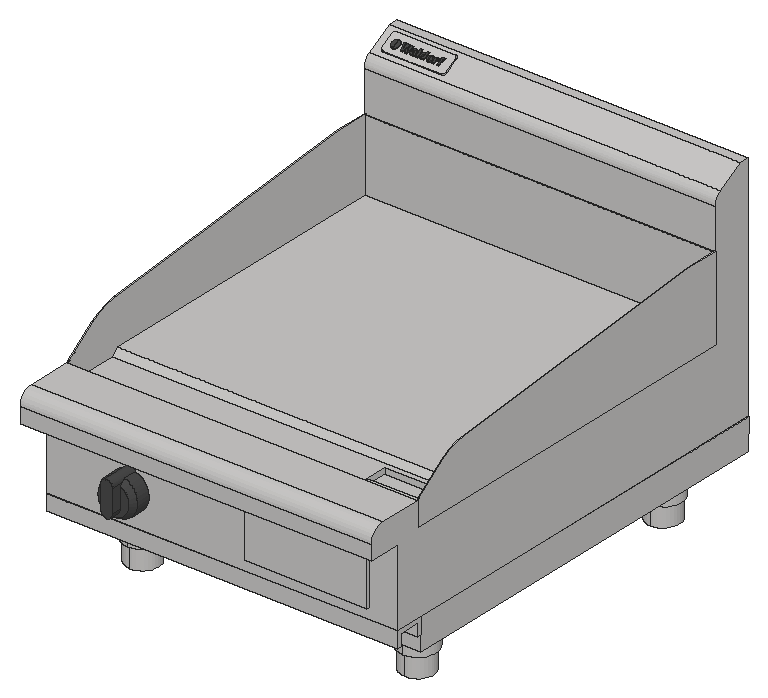
Revit family "QF_MOFFAT WALDORF_GP8600E-B", category Specialty Equipment, Revit 2012
Parameters
  Width [instance] = 600.0 mm  # constant formula
  Weight in Pounds = 260.1452
  Watts = 7200 W
  Volts = 240 V
  URL Cutsheet = "www.moffat.com"
  URL = "www.moffat.com"
  Type Mark [instance] = ""
  Status [instance] = ""
  Specification by User [instance] = ""
  Specification by Manufacturer = ""
  Show Logo [instance] = yes
  Serial Number = ""
  Seismic Rating = ""
  SMACNA No = ""
  Revision Code [instance] = ""
  Phase = 1
  Omniclass Number and Title = ""
  Number of Poles = 1
  NAFEM Spec ID Number = ""
  Model = "GP8600E-B"
  Min Ckt Ampacity = 0 A
  Max Overcurrent Protection = 0 A
  Masterspec = ""
  Manufacturer = "MOFFAT WALDORF"
  Item Number [instance] = ""
  Installed By [instance] = ""
  Identify Quantity as Lot [instance] = yes
  Height [instance] = 530.0 mm  # constant formula
  HP = ""
  Furnished By [instance] = ""
  Foodservice Equipment Identifier [instance] = yes
  FL Amps = 30 A
  Elec Conn RI Height = 0.0 mm
  Elec Conn Connection Height = 0.0 mm
  Description = "GRIDDLE PLATE ELECTRIC BENCH MOUNT"
  Depth [instance] = 805.0 mm  # constant formula
  Cycle = 50 Hz
  Conn Plug = ""
  Conn Conduit = yes
  CSI MasterFormat = ""
  CSI Master Format = ""
  Base Height [instance] = 80.0 mm
  Apparent Power = if(Phase = 3, Volts * FL Amps * 1.73, Volts * FL Amps)  # 7200 VA
Reference planes
  plane 1 "BACK": y = 0
  plane 2: z = 0
  plane 3 "LEFT": x = 0
  plane 4 "RIGHT": x = 600
  plane 5 "FRONT": y = -805
  plane 6 "TOP": z = 530
  plane 7 "Center Y": x = 300
  plane 8 "Center X": y = -402.5
  plane 9 "Base Height": z = 80
  plane 10: x = 65
  plane 11: x = 535
  plane 12: x = 470
  plane 13: z = 110
Forms (mm)
  Extrusion 1, solid, material "QF_Finishes_Stainless Steel"
    sketch origin (0, 0, 0) x (0, 1, 0) y (0, 0, 1)
      loop
        line (-805, 291) -> (-805, 266) -> (-749, 266) -> (-749, 135) -> (0, 135) -> (0, 530) -> (-16.5, 530) -> (-58.709, 505.631)
        arc (-58.709, 505.631) -> (-66.975, 497.365) -> (-70, 486.074) r 22.582
        line (-70, 486.074) -> (-70, 275) -> (-705, 275) -> (-705, 315) -> (-781, 315)
        arc (-781, 315) -> (-797.971, 307.971) -> (-805, 291) r 24
      loop
        line (-749, 134.206) -> (-749, 107.019) -> (-742.6, 107.019) -> (-742.6, 127.806) -> (-706.4, 127.806) -> (-706.4, 107.019) -> (-700, 107.019) -> (-700, 134.206) -> (-749, 134.206)
    from 0 to 600
  Revolve 2, solid, material "QF_Finishes_Stainless Steel"
    sketch origin (535, -210, 0) x (0, 1, 0) y (0, 0, -1)
      loop
        line (78.25, -80) -> (110, -80) -> (110, 0) -> (82.5, 0) -> (82.5, -35) -> (78.25, -35) -> (78.25, -80)
      axis (110, -80) -> (110, 0)
    angle from 0 to 360
  Revolve 3, solid, material "QF_Finishes_Stainless Steel"
    sketch origin (65, -210, 0) x (0, 1, 0) y (0, 0, 1)
      loop
        line (78.25, 80) -> (78.25, 35) -> (82.5, 35) -> (82.5, 0) -> (110, 0) -> (110, 80) -> (78.25, 80)
      axis (110, 80) -> (110, 0)
    angle from 0 to 360
  Extrusion 4, void
    sketch origin (705, 3, -500) x (1, 0, 0) y (0, 1, 0)
      loop
        circle (-235, -35) r 13.5
    from 560 to 635
  Revolve 5, solid, material "QF_Finishes_Black"
    sketch origin (150, 0, -0.127) x (0, 1, 0) y (0, 0, -1)
      loop
        line (-782, -229.5) -> (-759, -229.5) -> (-759, -202) -> (-749, -202) -> (-749, -197) -> (-793, -197) -> (-793, -223.651) -> (-782, -229.5)
      axis (-793, -197) -> (-749, -197)
    angle from 0 to 360
  Extrusion 6, solid, material "QF_Finishes_Black"
    sketch origin (288.27, 0, 0.031) x (-1, 0, 0) y (0, 0, -1)
      loop
        arc (148.269, -184.969) -> (138.269, -174.969) -> (128.269, -184.969) r 10
        line (128.269, -184.969) -> (128.269, -223.969)
        arc (128.269, -223.969) -> (138.269, -233.969) -> (148.269, -223.969) r 10
        line (148.269, -223.969) -> (148.269, -184.969)
    from 759 to 808
  Revolve 7, solid, material "QF_Finishes_Stainless Steel"
    sketch origin (535, -735, 0) x (0, 1, 0) y (0, 0, -1)
      loop
        line (78.25, -80) -> (110, -80) -> (110, 0) -> (82.5, 0) -> (82.5, -35) -> (78.25, -35) -> (78.25, -80)
      axis (110, -80) -> (110, 0)
    angle from 0 to 360
  Revolve 8, solid, material "QF_Finishes_Stainless Steel"
    sketch origin (65, -735, 0) x (0, 1, 0) y (0, 0, 1)
      loop
        line (78.25, 80) -> (78.25, 35) -> (82.5, 35) -> (82.5, 0) -> (110, 0) -> (110, 80) -> (78.25, 80)
      axis (110, 80) -> (110, 0)
    angle from 0 to 360
  Extrusion 9, solid, material "QF_Finishes_Stainless Steel"
    sketch origin (0, -749, 266) x (0, 0, -1) y (1, 0, 0)
      loop
        line (26.5, 340) -> (113.5, 340) -> (113.5, 550) -> (26.5, 550) -> (26.5, 340)
    from 0 to 2.5
  Extrusion 10, solid, material "QF_Finishes_Stainless Steel"
    sketch origin (0, -751.5, 266) x (0, 0, -1) y (1, 0, 0)
      loop
        line (33.5, 550) -> (26.5, 550) -> (26.5, 340) -> (33.5, 340) -> (33.5, 550)
    from 0 to 5
  Extrusion 11, solid, material "QF_Finishes_Stainless Steel"
    sketch origin (0, -699, 134.206) x (0, 1, 0) y (-1, 0, 0)
      loop
        circle (666.87, -470) r 6.35
    from 0 to -24.206
  Extrusion 12, solid, material "QF_Finishes_Stainless Steel"
    sketch origin (0, 0, 80) x (-1, 0, 0) y (0, -1, 0)
      loop
        line (0, 0) -> (0, 699) -> (-600, 699) -> (-600, 0) -> (0, 0)
    from 0 to 54.206
Cuts and joins
  joined: Revolve 5, Extrusion 6
  joined: Extrusion 9, Extrusion 10
  Extrusion 4 cuts Extrusion 1
Lines and regions (mm)
  Split face 1
    outline origin (49.063, -19.748, 528.125) x (0, -0.866025, -0.5) y (1, 0, 0)
      loop
        line (1.427, 105.5) -> (35.836, 105.5) -> (35.836, 125.5) -> (1.427, 125.5) -> (1.427, 105.5)
  Split face 2
    outline origin (99.063, -19.748, 528.125) x (0, -0.866025, -0.5) y (1, 0, 0)
      loop
        line (1.427, 105.5) -> (35.836, 105.5) -> (35.836, 125.5) -> (1.427, 125.5) -> (1.427, 105.5)
  Split face 3
    outline origin (149.062, -19.748, 528.125) x (0, -0.866025, -0.5) y (1, 0, 0)
      loop
        line (1.427, 105.5) -> (35.836, 105.5) -> (35.836, 125.5) -> (1.427, 125.5) -> (1.427, 105.5)
  Split face 4
    outline origin (199.063, -19.748, 528.125) x (0, -0.866025, -0.5) y (1, 0, 0)
      loop
        line (1.427, 105.5) -> (35.836, 105.5) -> (35.836, 125.5) -> (1.427, 125.5) -> (1.427, 105.5)
  Split face 5
    outline origin (249.062, -19.748, 528.125) x (0, -0.866025, -0.5) y (1, 0, 0)
      loop
        line (1.427, 105.5) -> (35.836, 105.5) -> (35.836, 125.5) -> (1.427, 125.5) -> (1.427, 105.5)
  Split face 6
    outline origin (299.062, -19.748, 528.125) x (0, -0.866025, -0.5) y (1, 0, 0)
      loop
        line (1.427, 105.5) -> (35.836, 105.5) -> (35.836, 125.5) -> (1.427, 125.5) -> (1.427, 105.5)
  Split face 7
    outline origin (349.062, -19.748, 528.125) x (0, -0.866025, -0.5) y (1, 0, 0)
      loop
        line (1.427, 105.5) -> (35.836, 105.5) -> (35.836, 125.5) -> (1.427, 125.5) -> (1.427, 105.5)
  Split face 8
    outline origin (399.062, -19.748, 528.125) x (0, -0.866025, -0.5) y (1, 0, 0)
      loop
        line (1.427, 105.5) -> (35.836, 105.5) -> (35.836, 125.5) -> (1.427, 125.5) -> (1.427, 105.5)
  Split face 9
    outline origin (449.062, -19.748, 528.125) x (0, -0.866025, -0.5) y (1, 0, 0)
      loop
        line (1.427, 105.5) -> (35.836, 105.5) -> (35.836, 125.5) -> (1.427, 125.5) -> (1.427, 105.5)
  symbolic lines, visible <- "Show Logo"
    curve 1: line (12.5, -52.06, 0) -> (12.5, -21.099, 0)
    curve 2: line (121.5, -21.099, 0) -> (121.5, -52.06, 0)
    curve 3: line (12.5, -21.099, 0) -> (121.5, -21.099, 0)
    curve 4: line (12.5, -52.06, 0) -> (121.5, -52.06, 0)
  symbolic lines
    curve 5: line (154.563, -50.782, 0) -> (154.563, -20.984, 0)
    curve 6: line (154.563, -20.984, 0) -> (174.562, -20.984, 0)
    curve 7: line (174.562, -20.984, 0) -> (174.562, -50.782, 0)
    curve 8: line (174.562, -50.782, 0) -> (154.563, -50.782, 0)
    curve 9: line (204.563, -20.984, 0) -> (204.563, -50.782, 0)
    curve 10: line (204.563, -50.782, 0) -> (224.562, -50.782, 0)
    curve 11: line (224.562, -50.782, 0) -> (224.562, -20.984, 0)
    curve 12: line (224.562, -20.984, 0) -> (204.563, -20.984, 0)
    curve 13: line (254.563, -20.984, 0) -> (254.563, -50.782, 0)
    curve 14: line (254.563, -50.782, 0) -> (274.562, -50.782, 0)
    curve 15: line (274.562, -50.782, 0) -> (274.562, -20.984, 0)
    curve 16: line (274.562, -20.984, 0) -> (254.563, -20.984, 0)
    curve 17: line (304.563, -20.984, 0) -> (304.563, -50.782, 0)
    curve 18: line (304.563, -50.782, 0) -> (324.563, -50.782, 0)
    curve 19: line (324.563, -50.782, 0) -> (324.563, -20.984, 0)
    curve 20: line (324.563, -20.984, 0) -> (304.563, -20.984, 0)
    curve 21: line (354.563, -20.984, 0) -> (354.563, -50.782, 0)
    curve 22: line (354.563, -50.782, 0) -> (374.563, -50.782, 0)
    curve 23: line (374.563, -50.782, 0) -> (374.563, -20.984, 0)
    curve 24: line (374.563, -20.984, 0) -> (354.563, -20.984, 0)
    curve 25: line (404.563, -50.782, 0) -> (404.563, -20.984, 0)
    curve 26: line (404.563, -20.984, 0) -> (424.563, -20.984, 0)
    curve 27: line (424.563, -20.984, 0) -> (424.563, -50.782, 0)
    curve 28: line (424.563, -50.782, 0) -> (404.563, -50.782, 0)
    curve 29: line (304.563, -50.782, 0) -> (304.563, -20.984, 0)
    curve 30: line (304.563, -20.984, 0) -> (324.563, -20.984, 0)
    curve 31: line (324.563, -20.984, 0) -> (324.563, -50.782, 0)
    curve 32: line (324.563, -50.782, 0) -> (304.563, -50.782, 0)
    curve 33: line (354.563, -20.984, 0) -> (354.563, -50.782, 0)
    curve 34: line (354.563, -50.782, 0) -> (374.563, -50.782, 0)
    curve 35: line (374.563, -50.782, 0) -> (374.563, -20.984, 0)
    curve 36: line (374.563, -20.984, 0) -> (354.563, -20.984, 0)
    curve 37: line (404.563, -50.782, 0) -> (404.563, -20.984, 0)
    curve 38: line (404.563, -20.984, 0) -> (424.563, -20.984, 0)
    curve 39: line (424.563, -20.984, 0) -> (424.563, -50.782, 0)
    curve 40: line (424.563, -50.782, 0) -> (404.563, -50.782, 0)
    curve 41: line (454.563, -50.782, 0) -> (454.563, -20.984, 0)
    curve 42: line (454.563, -20.984, 0) -> (474.563, -20.984, 0)
    curve 43: line (474.563, -20.984, 0) -> (474.563, -50.782, 0)
    curve 44: line (474.563, -50.782, 0) -> (454.563, -50.782, 0)
    curve 45: line (504.563, -50.782, 0) -> (504.563, -20.984, 0)
    curve 46: line (504.563, -20.984, 0) -> (524.563, -20.984, 0)
    curve 47: line (524.563, -20.984, 0) -> (524.563, -50.782, 0)
    curve 48: line (524.563, -50.782, 0) -> (504.563, -50.782, 0)
    curve 49: line (574.563, -50.782, 0) -> (554.563, -50.782, 0)
    curve 50: line (554.563, -50.782, 0) -> (554.563, -20.984, 0)
    curve 51: line (554.563, -20.984, 0) -> (574.563, -20.984, 0)
    curve 52: line (0, -805, 0) -> (600, -805, 0)
    curve 53: line (0, 0, 0) -> (0, -805, 0)
    curve 54: line (600, 0, 0) -> (0, 0, 0)
    curve 55: line (0, -70, 0) -> (600, -70, 0)
    curve 56: line (600, -705, 0) -> (0, -705, 0)
    curve 57: line (574.563, -20.984, 0) -> (574.563, -50.782, 0)
    curve 58: line (600, -805, 0) -> (600, 0, 0)
Dimensions and locks
  equal spacing: plane 3 "LEFT", plane 7 "Center Y", plane 4 "RIGHT"
  "Width": plane 3 "LEFT" to plane 4 "RIGHT"
  equal spacing: plane 5 "FRONT", plane 8 "Center X", plane 1 "BACK"
  "Depth": plane 5 "FRONT" to plane 1 "BACK"
  "Base Height": plane 9 "Base Height" to level
  locked: plane 6 "TOP" to plane 9 "Base Height" at 450
  plane 6 "TOP" to nested 1 to nested 1 = 2.946 mm locked, 17.226 mm locked
  plane 6 "TOP" to level = 530.0 mm
  plane 12 to plane 4 "RIGHT" = 130.0 mm
  Extrusion 1 sketch curve to Extrusion 1 sketch curve to Extrusion 1 sketch curve to Extrusion 1 sketch curve to Extrusion 1 sketch curve to Extrusion 1 sketch curve to Extrusion 1 sketch curve to Extrusion 1 sketch curve to Extrusion 1 sketch curve to Extrusion 1 sketch curve to plane 9 "Base Height" = 43.926 mm locked, 171.074 mm locked, 24.0 mm locked, 16.0 mm locked, 9.0 mm locked, 131.0 mm locked, 0.794 mm locked, 6.4 mm locked, 20.787 mm locked, 27.019 mm locked
  Extrusion 11 to plane 13 to plane 9 "Base Height" = 24.206 mm locked, 30.0 mm locked
  aligned and locked: level to plane 2
  aligned and locked: Revolve 3 sketch curve to plane 9 "Base Height"
  aligned and locked: nested 2 to cut or joined group of Extrusion 1, Extrusion 4
  aligned and locked: Extrusion 4 to Extrusion 1
  aligned and locked: Extrusion 1 sketch curve to Extrusion 1 sketch curve
  aligned and locked: Extrusion 11 to plane 13
Automatic sketch dimensions
  curve 56 to plane 3 "LEFT" = 0.0 mm
  plane 1 "BACK" to curve 54 = 0.0 mm
  curve 54 to plane 4 "RIGHT" = 0.0 mm
  plane 5 "FRONT" to curve 52 = 0.0 mm
  plane 3 "LEFT" to curve 1 = 12.5 mm
  plane 1 "BACK" to curve 2 = 21.099 mm
  plane 10 to curve 2 = 56.5 mm
  curve 2 to curve 6 = 33.062 mm
  curve 5 to curve 6 = 20.0 mm
  curve 6 to curve 12 = 30.0 mm
  curve 9 to curve 11 = 20.0 mm
  curve 11 to curve 16 = 30.0 mm
  curve 13 to curve 16 = 20.0 mm
  plane 7 "Center Y" to curve 17 = 4.563 mm
  curve 17 to curve 31 = 20.0 mm
  curve 18 to curve 34 = 30.0 mm
  curve 21 to curve 23 = 20.0 mm
  curve 22 to curve 37 = 30.0 mm
  curve 25 to curve 27 = 20.0 mm
  curve 26 to curve 41 = 30.0 mm
  curve 41 to curve 43 = 20.0 mm
  curve 43 to curve 48 = 30.0 mm
  plane 11 to curve 47 = 10.437 mm
  curve 50 to plane 11 = 19.563 mm
  curve 49 to curve 49 = 20.0 mm
  curve 56 to plane 5 "FRONT" = 100.0 mm
  curve 55 to curve 1 = 48.901 mm
  curve 55 to curve 1 = 17.94 mm
  plane 1 "BACK" to curve 8 = 50.782 mm
  curve 7 to curve 9 = 0.0 mm
  curve 55 to curve 50 = 19.218 mm
  curve 48 to curve 49 = 0.0 mm
  curve 10 to curve 13 = 0.0 mm
  curve 44 to curve 45 = 0.0 mm
  curve 14 to curve 17 = 0.0 mm
  curve 40 to curve 41 = 0.0 mm
  curve 18 to curve 21 = 0.0 mm
  plane 1 "BACK" to curve 27 = 20.984 mm
  plane 1 "BACK" to curve 35 = 20.984 mm
  plane 1 "BACK" to curve 20 = 20.984 mm
  plane 1 "BACK" to curve 41 = 20.984 mm
  plane 1 "BACK" to curve 16 = 20.984 mm
  plane 1 "BACK" to curve 45 = 20.984 mm
  plane 1 "BACK" to curve 12 = 20.984 mm
  plane 1 "BACK" to curve 50 = 20.984 mm
  plane 1 "BACK" to curve 7 = 20.984 mm
  Revolve 2 sketch curve to plane 9 "Base Height" = 0.0 mm
  Revolve 2 sketch curve to level = 0.0 mm
  level to Revolve 2 sketch curve = 35.0 mm
  plane 1 "BACK" to Revolve 2 sketch curve = 131.75 mm
  Revolve 2 sketch curve to Revolve 2 sketch curve = 4.25 mm
  Revolve 2 sketch curve to Revolve 2 sketch curve = 27.5 mm
  Revolve 2 sketch curve to Revolve 2 sketch curve = 0.0 mm
  Revolve 2 sketch curve to Revolve 2 sketch curve = 30.0 mm
  Revolve 2 sketch curve to Revolve 2 sketch curve = 55.0 mm
  Revolve 3 sketch curve to level = 0.0 mm
  level to Revolve 3 sketch curve = 35.0 mm
  plane 1 "BACK" to Revolve 3 sketch curve = 131.75 mm
  Revolve 3 sketch curve to Revolve 3 sketch curve = 4.25 mm
  Revolve 3 sketch curve to Revolve 3 sketch curve = 27.5 mm
  Revolve 3 sketch curve to Revolve 3 sketch curve = 0.0 mm
  Revolve 3 sketch curve to Revolve 3 sketch curve = 55.0 mm
  Revolve 3 sketch curve to Revolve 3 sketch curve = 30.0 mm
  plane 1 "BACK" to Extrusion 4 sketch curve = 32.0 mm
  plane 11 to Extrusion 4 sketch curve = 65.0 mm
  Revolve 5 sketch curve to plane 5 "FRONT" = 12.0 mm
  Revolve 5 sketch curve to Revolve 5 sketch curve = 0.0 mm  (x2)
  Revolve 5 sketch curve to Revolve 5 sketch curve = 11.0 mm
  Revolve 5 sketch curve to Revolve 5 sketch curve = 12.7 mm
  Revolve 5 sketch curve to Revolve 5 sketch curve = 23.0 mm
  Revolve 5 sketch curve to Revolve 5 sketch curve = 10.0 mm
  plane 9 "Base Height" to Revolve 5 sketch curve = 149.373 mm
  Revolve 5 sketch curve to Revolve 5 sketch curve = 5.849 mm
  Revolve 5 sketch curve to Revolve 5 sketch curve = 27.5 mm
  Revolve 5 sketch curve to Revolve 5 sketch curve = 5.0 mm
  plane 10 to Extrusion 6 sketch curve = 95.001 mm
  Extrusion 6 sketch curve to Extrusion 6 sketch curve = 10.0 mm
  plane 9 "Base Height" to Extrusion 6 sketch curve = 144.0 mm
  Extrusion 6 sketch curve to Extrusion 6 sketch curve = 39.0 mm
  Extrusion 1 to Split face 1 sketch curve = 5.177 mm
  Split face 1 sketch curve to Extrusion 1 = 9.153 mm
  Split face 1 sketch curve to Extrusion 1 = 154.563 mm
  Split face 1 sketch curve to Split face 1 sketch curve = 20.0 mm
  Revolve 7 sketch curve to plane 9 "Base Height" = 0.0 mm
  Revolve 7 sketch curve to level = 0.0 mm
  level to Revolve 7 sketch curve = 35.0 mm
  Revolve 7 sketch curve to plane 5 "FRONT" = 148.25 mm
  Revolve 7 sketch curve to Revolve 7 sketch curve = 4.25 mm
  Revolve 7 sketch curve to Revolve 7 sketch curve = 27.5 mm
  Revolve 7 sketch curve to Revolve 7 sketch curve = 0.0 mm
  Revolve 7 sketch curve to Revolve 7 sketch curve = 30.0 mm
  Revolve 7 sketch curve to Revolve 7 sketch curve = 55.0 mm
  Revolve 8 sketch curve to plane 9 "Base Height" = 0.0 mm
  Revolve 8 sketch curve to level = 0.0 mm
  level to Revolve 8 sketch curve = 35.0 mm
  Revolve 8 sketch curve to plane 5 "FRONT" = 148.25 mm
  Revolve 8 sketch curve to Revolve 8 sketch curve = 4.25 mm
  Revolve 8 sketch curve to Revolve 8 sketch curve = 27.5 mm
  Revolve 8 sketch curve to Revolve 8 sketch curve = 0.0 mm
  Revolve 8 sketch curve to Revolve 8 sketch curve = 55.0 mm
  Revolve 8 sketch curve to Revolve 8 sketch curve = 30.0 mm
  Extrusion 1 to Split face 2 sketch curve = 5.177 mm
  Split face 2 sketch curve to Extrusion 1 = 9.153 mm
  Split face 2 sketch curve to Extrusion 1 = 204.563 mm
  Split face 2 sketch curve to Split face 2 sketch curve = 20.0 mm
  Extrusion 1 to Split face 3 sketch curve = 5.177 mm
  Split face 3 sketch curve to Extrusion 1 = 9.153 mm
  Split face 3 sketch curve to Extrusion 1 = 254.563 mm
  Split face 3 sketch curve to Split face 3 sketch curve = 20.0 mm
  Extrusion 1 to Split face 4 sketch curve = 5.177 mm
  Split face 4 sketch curve to Extrusion 1 = 9.153 mm
  Split face 4 sketch curve to Extrusion 1 = 295.438 mm
  Split face 4 sketch curve to Split face 4 sketch curve = 20.0 mm
  Extrusion 1 to Split face 5 sketch curve = 5.177 mm
  Split face 5 sketch curve to Extrusion 1 = 9.153 mm
  Split face 5 sketch curve to Extrusion 1 = 245.437 mm
  Split face 5 sketch curve to Split face 5 sketch curve = 20.0 mm
  Extrusion 1 to Split face 6 sketch curve = 5.177 mm
  Split face 6 sketch curve to Extrusion 1 = 9.153 mm
  Split face 6 sketch curve to Extrusion 1 = 195.437 mm
  Split face 6 sketch curve to Split face 6 sketch curve = 20.0 mm
  Extrusion 1 to Extrusion 9 sketch curve = 26.5 mm
  Extrusion 9 sketch curve to Extrusion 1 = 17.5 mm
  Extrusion 1 to Extrusion 9 sketch curve = 260.0 mm
  Extrusion 1 to Extrusion 9 sketch curve = 50.0 mm
  Extrusion 10 sketch curve to Extrusion 9 = 0.0 mm  (x2)
  Extrusion 9 to Extrusion 10 sketch curve = 0.0 mm
  Extrusion 10 sketch curve to Extrusion 9 = 7.0 mm
  Extrusion 1 to Split face 7 sketch curve = 5.177 mm
  Split face 7 sketch curve to Extrusion 1 = 9.153 mm
  Split face 7 sketch curve to Extrusion 1 = 145.437 mm
  Split face 7 sketch curve to Split face 7 sketch curve = 20.0 mm
  Extrusion 1 to Split face 8 sketch curve = 5.177 mm
  Split face 8 sketch curve to Extrusion 1 = 9.153 mm
  Split face 8 sketch curve to Extrusion 1 = 95.437 mm
  Split face 8 sketch curve to Split face 8 sketch curve = 20.0 mm
  Extrusion 1 to Split face 9 sketch curve = 5.177 mm
  Split face 9 sketch curve to Extrusion 1 = 9.153 mm
  Split face 9 sketch curve to Extrusion 1 = 45.437 mm
  Split face 9 sketch curve to Split face 9 sketch curve = 20.0 mm
  Extrusion 1 sketch curve to plane 5 "FRONT" = 0.0 mm
  Extrusion 1 sketch curve to plane 1 "BACK" = 0.0 mm
  Extrusion 1 sketch curve to plane 5 "FRONT" = 56.0 mm
  Extrusion 1 sketch curve to Extrusion 1 sketch curve = 0.0 mm
  Extrusion 1 sketch curve to Extrusion 1 sketch curve = 6.4 mm  (x2)
  Extrusion 1 sketch curve to Extrusion 1 sketch curve = 36.2 mm
  Extrusion 1 sketch curve to Extrusion 1 sketch curve = 44.0 mm
  plane 1 "BACK" to Extrusion 1 sketch curve = 70.0 mm
  Extrusion 1 sketch curve to Extrusion 1 sketch curve = 11.291 mm  (x2)
  Extrusion 1 sketch curve to Extrusion 1 sketch curve = 16.5 mm
  plane 1 "BACK" to Extrusion 12 sketch curve = 0.0 mm
  Extrusion 12 sketch curve to plane 4 "RIGHT" = 0.0 mm
  Extrusion 12 sketch curve to plane 3 "LEFT" = 0.0 mm
  Extrusion 12 sketch curve to plane 5 "FRONT" = 106.0 mm
  Extrusion 11 sketch curve to plane 12 = 0.0 mm
  plane 1 "BACK" to Extrusion 11 sketch curve = 32.13 mm
  radius of Extrusion 4 sketch curve = 13.5 mm
  radius of Extrusion 11 sketch curve = 6.35 mm
Nested families
  nested 1: "WALDORF LOGO" at (12.5, -36.099, 502.127), visible <- "Show Logo", type "WALDORF LOGO", detail levels medium+fine
    with Type Mark "", Status "", Specification by User "", Show Logo yes, Revision Code "", Item Number "", Installed By "", Identify Quantity as Lot yes, Furnished By "", Foodservice Equipment Identifier yes
  nested 2: "GAS GRIDDLE PLATE" at (0, -70, 284.5), type "GAS GRIDDLE PLATE"
    with Type Mark "", Status "", Specification by User "", Show Clearance yes, Revision Code "", Number of Poles 1, Mechanical Remarks "", Mechanical Connection Type "", Item Number "", Installed By "", Identify Quantity as Lot yes, Gas RI Height 0.0 mm, Gas KW 0, Gas Input 0.0 Btu/h, Furnished By "", Foodservice Equipment Identifier yes, Electrical Remarks "", Electric Connection Type "", Elec Conn RI Height 0.0 mm, Elec Conn Connection Height 0.0 mm
Connectors
  electrical at (470, -32.13, 110), driven by "Volts", driven by "Watts"
    settings: on Extrusion 11, index 1, voltage 240 V, apparent load 7200 VA, apparent load phase1 0 VA, apparent load phase2 0 VA, apparent load phase3 0 VA, power factor 1, load classification "Other", number of poles 1, system type 30, power factor state 1, is connector primary yes, connector utility no, sub classification motor no, connector description "ELECTRICAL CONNECTION"
Definition of nested family "WALDORF LOGO"
  Parameters (values of type "BT8300-CB-LOGO")
    Weight in Pounds = 0
    URL Cutsheet = ""
    Type Mark [instance] = ""
    Status [instance] = ""
    Specification by User [instance] = ""
    Specification by Manufacturer = ""
    Show Logo [instance] = yes
    Serial Number = ""
    Seismic Rating = ""
    SMACNA No = ""
    Revision Code [instance] = ""
    Omniclass Number and Title = ""
    NAFEM Spec ID Number = ""
    Masterspec = ""
    Item Number [instance] = ""
    Installed By [instance] = ""
    Identify Quantity as Lot [instance] = yes
    Furnished By [instance] = ""
    Foodservice Equipment Identifier [instance] = yes
    CSI MasterFormat = ""
    CSI Master Format = ""
  Reference planes
    plane 1 "BACK": y = 0
    plane 2: z = 0
    plane 3 "LEFT": x = 0
    plane 4 "RIGHT": x = 109
    plane 5 "FRONT": y = -1.588
    plane 6 "TOP": z = 34.14
    plane 7 "Center Y": x = 54.5
    plane 8 "Center X": y = -0.794
  Forms (mm)
    Extrusion 1, solid, material "QF_Finishes_Stainless Steel", visible <- "Show Logo"
      sketch origin (0, -15.16, 7.701) x (1, 0, 0) y (0, 0.863373, 0.504566)
        loop
          arc (5, 34.14) -> (1.464, 32.676) -> (0, 29.14) r 5
          line (0, 29.14) -> (0, 5)
          arc (0, 5) -> (1.464, 1.464) -> (5, 0) r 5
          line (5, 0) -> (104, 0)
          arc (104, 0) -> (107.536, 1.464) -> (109, 5) r 5
          line (109, 5) -> (109, 29.14)
          arc (109, 29.14) -> (107.536, 32.676) -> (104, 34.14) r 5
          line (104, 34.14) -> (5, 34.14)
      from 0 to 1.588
    Extrusion 2, solid, material "QF_Finishes_Black", visible <- "Show Logo"
      sketch origin (0, -15.961, 9.072) x (1, 0, 0) y (0, 0.863373, 0.504566)
        loop
          line (24.772, 23.214) -> (27.992, 10.301) -> (31.551, 10.301) -> (33.443, 17.364) -> (35.205, 10.301) -> (39.332, 10.301) -> (42.077, 23.214) -> (38.352, 23.214) -> (36.676, 15.33) -> (35, 23.214) -> (31.752, 23.214) -> (30.076, 15.33) -> (28.4, 23.214) -> (24.772, 23.214)
        loop
          line (42.272, 17.055) -> (45.703, 17.055)
          spline (45.703, 17.055) -> (45.741, 17.285) -> (45.852, 17.499) -> (46.028, 17.682) -> (46.258, 17.823) -> (46.526, 17.912) -> (46.813, 17.942) -> (47.1, 17.912) -> (47.368, 17.823) -> (47.597, 17.682) -> (47.774, 17.499) -> (47.884, 17.285) -> (47.922, 17.055)
          line (47.922, 17.055) -> (47.922, 16.222)
          arc (47.922, 16.222) -> (45.742, 16.014) -> (43.665, 15.317) r 9.604
          arc (43.665, 15.317) -> (41.924, 12.809) -> (43.665, 10.301) r 2.677
          arc (43.665, 10.301) -> (45.527, 10.353) -> (47.332, 10.816) r 8.365
          line (47.332, 10.816) -> (48.092, 11.105) -> (48.092, 10.301) -> (51.817, 10.301) -> (51.817, 17.055)
          spline (51.817, 17.055) -> (51.654, 17.821) -> (51.178, 18.535) -> (50.419, 19.148) -> (49.431, 19.619) -> (48.28, 19.914) -> (47.044, 20.015) -> (45.809, 19.914) -> (44.658, 19.619) -> (43.67, 19.148) -> (42.911, 18.535) -> (42.434, 17.821) -> (42.272, 17.055)
        loop
          line (53.151, 23.214) -> (53.151, 10.301) -> (57.37, 10.301) -> (57.37, 23.214) -> (53.151, 23.214)
        loop
          line (64.874, 23.214) -> (64.874, 18.857)
          arc (64.874, 18.857) -> (58.083, 15.11) -> (64.874, 11.363) r 4.429
          line (64.874, 11.363) -> (64.874, 10.301) -> (68.378, 10.301) -> (68.378, 23.214) -> (64.874, 23.214)
        loop
          arc (64.874, 16.083) -> (61.41, 14.987) -> (64.874, 13.891) r 1.905
          line (64.874, 13.891) -> (64.874, 16.083)
        loop
          circle (74.623, 15.223) r 5
        loop
          spline (74.623, 17.856) -> (74.355, 17.766) -> (74.105, 17.503) -> (73.891, 17.084) -> (73.726, 16.539) -> (73.623, 15.904) -> (73.588, 15.223) -> (73.623, 14.541) -> (73.726, 13.906) -> (73.891, 13.361) -> (74.105, 12.942) -> (74.355, 12.679) -> (74.623, 12.59)
          spline (74.623, 12.59) -> (74.891, 12.679) -> (75.141, 12.942) -> (75.355, 13.361) -> (75.52, 13.906) -> (75.623, 14.541) -> (75.659, 15.223) -> (75.623, 15.904) -> (75.52, 16.539) -> (75.355, 17.084) -> (75.141, 17.503) -> (74.891, 17.766) -> (74.623, 17.856)
        loop
          line (81.255, 19.813) -> (81.255, 10.301) -> (84.834, 10.301) -> (84.834, 14.176)
          arc (84.834, 14.176) -> (85.854, 16.093) -> (88.013, 16.32) r 2.313
          line (88.013, 16.32) -> (88.013, 19.813) -> (87.161, 19.813)
          arc (87.161, 19.813) -> (85.526, 19.266) -> (84.549, 17.844) r 2.717
          line (84.549, 17.844) -> (84.549, 19.813) -> (81.255, 19.813)
        loop
          line (90.249, 19.813) -> (88.91, 19.813) -> (88.91, 17.614) -> (90.249, 17.614) -> (90.249, 10.301) -> (93.998, 10.301) -> (93.998, 17.614) -> (95.418, 17.614) -> (95.418, 19.813) -> (93.998, 19.813)
          arc (93.998, 19.813) -> (94.414, 20.817) -> (95.418, 21.233) r 1.42
          line (95.418, 21.233) -> (95.418, 23.602) -> (93.317, 23.602)
          arc (93.317, 23.602) -> (91.343, 22.903) -> (90.249, 21.118) r 3.137
          line (90.249, 21.118) -> (90.249, 19.813)
        loop
          arc (15.241, 23.571) -> (8.392, 16.525) -> (15.241, 9.479) r 7.049
          line (15.241, 9.479) -> (15.241, 23.571)
        loop
          line (15.641, 23.571) -> (15.641, 9.479)
          arc (15.641, 9.479) -> (22.49, 16.525) -> (15.641, 23.571) r 7.049
        loop
          arc (47.922, 14.711) -> (46.266, 13.749) -> (47.922, 12.787) r 1.107
          line (47.922, 12.787) -> (47.922, 14.711)
      from 0 to 0.2
  Dimensions and locks
    equal spacing: plane 3 "LEFT", plane 7 "Center Y", plane 4 "RIGHT"
    plane 3 "LEFT" to plane 4 "RIGHT" = 109.0 mm
    equal spacing: plane 5 "FRONT", plane 8 "Center X", plane 1 "BACK"
    plane 5 "FRONT" to plane 1 "BACK" = 1.588 mm
    aligned and locked: level to plane 2
  Automatic sketch dimensions
    Extrusion 1 sketch curve to plane 3 "LEFT" = 0.0 mm
    Extrusion 1 sketch curve to plane 4 "RIGHT" = 0.0 mm
    plane 3 "LEFT" to Extrusion 1 sketch curve = 5.0 mm  (x2)
    plane 4 "RIGHT" to Extrusion 1 sketch curve = 5.0 mm  (x2)
    Extrusion 1 sketch curve to Extrusion 1 sketch curve = 24.14 mm
    Extrusion 2 sketch curve to Extrusion 2 sketch curve = 0.0 mm  (x14)
    Extrusion 2 sketch curve to Extrusion 1 = 15.241 mm
    Extrusion 2 sketch curve to Extrusion 2 sketch curve = 0.2 mm
    Extrusion 2 sketch curve to Extrusion 2 sketch curve = 0.4 mm
    Extrusion 2 sketch curve to Extrusion 2 sketch curve = 9.131 mm
    Extrusion 2 sketch curve to Extrusion 1 = 10.301 mm  (x2)
    Extrusion 2 sketch curve to Extrusion 2 sketch curve = 12.351 mm
    Extrusion 2 sketch curve to Extrusion 2 sketch curve = 3.628 mm
    Extrusion 2 sketch curve to Extrusion 2 sketch curve = 2.084 mm
    Extrusion 2 sketch curve to Extrusion 2 sketch curve = 3.559 mm
    Extrusion 2 sketch curve to Extrusion 1 = 10.926 mm  (x2)
    Extrusion 2 sketch curve to Extrusion 2 sketch curve = 3.352 mm  (x2)
    Extrusion 2 sketch curve to Extrusion 2 sketch curve = 3.367 mm
    Extrusion 2 sketch curve to Extrusion 2 sketch curve = 3.249 mm
    Extrusion 2 sketch curve to Extrusion 2 sketch curve = 3.654 mm
    Extrusion 2 sketch curve to Extrusion 1 = 15.33 mm
    Extrusion 2 sketch curve to Extrusion 2 sketch curve = 3.233 mm
    Extrusion 2 sketch curve to Extrusion 2 sketch curve = 4.128 mm
    Extrusion 2 sketch curve to Extrusion 2 sketch curve = 3.725 mm
    Extrusion 2 sketch curve to Extrusion 2 sketch curve = 5.596 mm
    Extrusion 2 sketch curve to Extrusion 2 sketch curve = 4.333 mm
    Extrusion 2 sketch curve to Extrusion 2 sketch curve = 1.394 mm
    Extrusion 2 sketch curve to Extrusion 2 sketch curve = 2.092 mm
    Extrusion 2 sketch curve to Extrusion 2 sketch curve = 0.936 mm
    Extrusion 2 sketch curve to Extrusion 2 sketch curve = 1.34 mm
    Extrusion 2 sketch curve to Extrusion 2 sketch curve = 1.109 mm
    Extrusion 2 sketch curve to Extrusion 2 sketch curve = 0.232 mm
    Extrusion 2 sketch curve to Extrusion 2 sketch curve = 2.731 mm
    Extrusion 2 sketch curve to Extrusion 2 sketch curve = 0.549 mm  (x2)
    Extrusion 2 sketch curve to Extrusion 2 sketch curve = 0.407 mm
    Extrusion 2 sketch curve to Extrusion 2 sketch curve = 0.76 mm
    Extrusion 2 sketch curve to Extrusion 2 sketch curve = 1.334 mm
    Extrusion 2 sketch curve to Extrusion 2 sketch curve = 4.219 mm
    Extrusion 2 sketch curve to Extrusion 2 sketch curve = 5.142 mm
    Extrusion 2 sketch curve to Extrusion 2 sketch curve = 0.803 mm
    Extrusion 2 sketch curve to Extrusion 2 sketch curve = 1.558 mm
    Extrusion 2 sketch curve to Extrusion 2 sketch curve = 3.504 mm
    Extrusion 2 sketch curve to Extrusion 2 sketch curve = 6.245 mm
    Extrusion 2 sketch curve to Extrusion 2 sketch curve = 6.632 mm
    Extrusion 2 sketch curve to Extrusion 2 sketch curve = 3.294 mm
    Extrusion 2 sketch curve to Extrusion 2 sketch curve = 3.579 mm
    Extrusion 2 sketch curve to Extrusion 2 sketch curve = 2.313 mm
    Extrusion 2 sketch curve to Extrusion 2 sketch curve = 2.612 mm
    Extrusion 2 sketch curve to Extrusion 2 sketch curve = 0.852 mm
    Extrusion 2 sketch curve to Extrusion 2 sketch curve = 0.897 mm
    Extrusion 2 sketch curve to Extrusion 2 sketch curve = 3.102 mm
    Extrusion 2 sketch curve to Extrusion 2 sketch curve = 1.338 mm
    Extrusion 2 sketch curve to Extrusion 2 sketch curve = 3.068 mm
    Extrusion 2 sketch curve to Extrusion 2 sketch curve = 0.681 mm
    Extrusion 2 sketch curve to Extrusion 2 sketch curve = 3.749 mm
    Extrusion 2 sketch curve to Extrusion 2 sketch curve = 1.42 mm
    Extrusion 2 sketch curve to Extrusion 2 sketch curve = 5.029 mm  (x2)
    Extrusion 2 sketch curve to Extrusion 1 = 9.479 mm
    Extrusion 2 sketch curve to Extrusion 2 sketch curve = 3.681 mm
    Extrusion 2 sketch curve to Extrusion 2 sketch curve = 0.515 mm
    Extrusion 2 sketch curve to Extrusion 2 sketch curve = 0.804 mm
    Extrusion 2 sketch curve to Extrusion 2 sketch curve = 1.062 mm
    Extrusion 2 sketch curve to Extrusion 2 sketch curve = 1.682 mm
    Extrusion 2 sketch curve to Extrusion 2 sketch curve = 2.508 mm
    Extrusion 2 sketch curve to Extrusion 2 sketch curve = 0.962 mm
    Extrusion 2 sketch curve to Extrusion 2 sketch curve = 2.528 mm
    Extrusion 2 sketch curve to Extrusion 2 sketch curve = 3.875 mm
    Extrusion 2 sketch curve to Extrusion 2 sketch curve = 1.096 mm
    Extrusion 2 sketch curve to Extrusion 2 sketch curve = 0.123 mm
    Extrusion 2 sketch curve to Extrusion 2 sketch curve = 4.922 mm
    Extrusion 2 sketch curve to Extrusion 2 sketch curve = 7.046 mm
    Extrusion 2 sketch curve to Extrusion 2 sketch curve = 0.833 mm
    Extrusion 2 sketch curve to Extrusion 2 sketch curve = 0.776 mm
    Extrusion 2 sketch curve to Extrusion 2 sketch curve = 2.034 mm
    Extrusion 2 sketch curve to Extrusion 2 sketch curve = 7.314 mm
    Extrusion 2 sketch curve to Extrusion 2 sketch curve = 1.295 mm
    Extrusion 2 sketch curve to Extrusion 2 sketch curve = 0.749 mm
    Extrusion 2 sketch curve to Extrusion 2 sketch curve = 2.633 mm
    Extrusion 2 sketch curve to Extrusion 2 sketch curve = 2.198 mm  (x2)
    Extrusion 2 sketch curve to Extrusion 2 sketch curve = 1.968 mm
    Extrusion 2 sketch curve to Extrusion 2 sketch curve = 0.653 mm
    Extrusion 2 sketch curve to Extrusion 2 sketch curve = 1.305 mm
    Extrusion 2 sketch curve to Extrusion 2 sketch curve = 4.357 mm
    Extrusion 2 sketch curve to Extrusion 2 sketch curve = 6.159 mm
    radius of Extrusion 2 sketch curve = 5.0 mm
Definition of nested family "GAS GRIDDLE PLATE"
  Parameters (values of type "Family2")
    Weight in Pounds = 0
    Watts = 0 W
    Volts = 0 V
    URL Cutsheet = ""
    Type Mark [instance] = ""
    Status [instance] = ""
    Specification by User [instance] = ""
    Specification by Manufacturer = ""
    Show Clearance [instance] = yes
    Serial Number = ""
    Seismic Rating = ""
    SMACNA No = ""
    Revision Code [instance] = ""
    Phase = 1
    Omniclass Number and Title = ""
    Number of Poles [instance] = 1
    NAFEM Spec ID Number = ""
    Min Ckt Ampacity = 0 A
    Mechanical Remarks [instance] = ""
    Mechanical Connection Type [instance] = ""
    Max Overcurrent Protection = 0 A
    Masterspec = ""
    Item Number [instance] = ""
    Installed By [instance] = ""
    Identify Quantity as Lot [instance] = yes
    HP = ""
    Gas Size = 0"
    Gas RI Height [instance] = 0.0 mm
    Gas KW [instance] = 0
    Gas Input [instance] = 0.0 Btu/h
    Gas Connection Height = 0.0 mm
    Furnished By [instance] = ""
    Foodservice Equipment Identifier [instance] = yes
    FL Amps = 0 A
    Electrical Remarks [instance] = ""
    Electric Connection Type [instance] = ""
    Elec Conn RI Height [instance] = 0.0 mm
    Elec Conn Connection Height [instance] = 0.0 mm
    Cycle = 0 Hz
    Conn Plug = ""
    Conn Conduit = yes
    CSI MasterFormat = ""
    CSI Master Format = ""
    Apparent Power = if(Phase = 3, Volts * FL Amps * 1.73, Volts * FL Amps)  # 0 VA
  Reference planes
    plane 1 "BACK": y = 0
    plane 2: z = 0
    plane 3 "LEFT": x = 0
    plane 4 "RIGHT": x = 600
    plane 5 "FRONT": y = -634.4
    plane 6 "TOP": z = 142.5
    plane 7 "Center Y": x = 300
    plane 8 "Center X": y = -317.2
  Forms (mm)
    Extrusion 1, solid, material "QF_Finishes_Stainless Steel"
      sketch origin (0, 70.003, -884.5) x (0, 1, 0) y (0, 0, 1)
        loop
          line (-70, 875) -> (-70, 1017.5) -> (-126.948, 1017.5) -> (-604.433, 971.523)
          arc (-604.433, 971.523) -> (-629.46, 965.803) -> (-652.206, 953.899) r 100
          line (-652.206, 953.899) -> (-704.403, 917.35) -> (-704.403, 875) -> (-70, 875)
      from 0 to 1.8
    Extrusion 2, solid, material "QF_Finishes_Stainless Steel"
      sketch origin (600, 70.003, -884.5) x (0, -1, 0) y (0, 0, 1)
        loop
          line (70, 875) -> (704.403, 875) -> (704.403, 917.35) -> (652.206, 953.899)
          arc (652.206, 953.899) -> (629.46, 965.803) -> (604.433, 971.523) r 100
          line (604.433, 971.523) -> (126.948, 1017.5) -> (70, 1017.5) -> (70, 875)
      from 0 to 1.2
    Extrusion 3, solid, material "QF_Finishes_Stainless Steel"
      sketch origin (150, 70.003, -884.5) x (0, 1, 0) y (0, 0, 1)
        loop
          line (-70, 895) -> (-601, 895) -> (-611.5, 884.5) -> (-704.403, 884.5) -> (-704.403, 875) -> (-70, 875) -> (-70, 895)
      from -148.2 to 448.8
    Extrusion 4, void
      sketch origin (150, -541.497, 0) x (0, -1, 0) y (1, 0, 0)
        loop
          line (10, 414.3) -> (10, 325.8) -> (48.5, 325.8) -> (48.5, 414.3) -> (10, 414.3)
      from -41.4 to 40.142
    Extrusion 5, solid, material "QF_Finishes_Stainless Steel"
      sketch origin (150, 0.003, 201.574) x (0, 0, -1) y (1, 0, 0)
        loop
          line (68.574, -148.2) -> (191.074, -148.2) -> (191.074, 448.8) -> (68.574, 448.8) -> (68.574, -148.2)
      from 0 to 1.683
  Cuts and joins
    Extrusion 4 cuts Extrusion 3
  Lines and regions (mm)
    symbolic lines
      curve 1: line (598.8, -530.997, 0) -> (1.8, -530.997, 0)
      curve 2: line (1.8, -541.497, 0) -> (598.8, -541.497, 0)
      curve 3: line (475.8, -551.497, 0) -> (475.8, -589.997, 0)
      curve 4: line (475.8, -589.997, 0) -> (564.3, -589.997, 0)
      curve 5: line (564.3, -589.997, 0) -> (564.3, -551.497, 0)
      curve 6: line (564.3, -551.497, 0) -> (475.8, -551.497, 0)
      curve 7: line (1.8, -1.68, 0) -> (598.8, -1.68, 0)
      curve 8: line (598.8, 0, 0) -> (598.8, -634.4, 0)
      curve 9: line (1.8, -634.4, 0) -> (1.8, 0, 0)
      curve 10: line (1.8, -634.4, 0) -> (598.8, -634.4, 0)
  Dimensions and locks
    equal spacing: plane 3 "LEFT", plane 7 "Center Y", plane 4 "RIGHT"
    plane 3 "LEFT" to plane 4 "RIGHT" = 600.0 mm
    equal spacing: plane 5 "FRONT", plane 8 "Center X", plane 1 "BACK"
    plane 5 "FRONT" to plane 1 "BACK" = 634.4 mm
    aligned and locked: level to plane 2
  Automatic sketch dimensions
    plane 1 "BACK" to Extrusion 1 sketch curve = 634.4 mm
    plane 1 "BACK" to Extrusion 1 sketch curve = 582.203 mm
    Extrusion 1 sketch curve to Extrusion 1 sketch curve = 47.773 mm
    Extrusion 1 sketch curve to level = 12.516 mm
    Extrusion 1 sketch curve to Extrusion 1 sketch curve = 9.585 mm
    Extrusion 1 sketch curve to plane 6 "TOP" = 9.5 mm
    Extrusion 1 sketch curve to Extrusion 1 sketch curve = 477.485 mm
    Extrusion 1 sketch curve to level = 9.5 mm
    Extrusion 1 sketch curve to Extrusion 1 sketch curve = 56.948 mm
    level to Extrusion 1 sketch curve = 32.85 mm
    Extrusion 1 sketch curve to Extrusion 1 sketch curve = 36.549 mm
    plane 1 "BACK" to Extrusion 2 sketch curve = 634.4 mm
    plane 1 "BACK" to Extrusion 2 sketch curve = 582.203 mm
    Extrusion 2 sketch curve to Extrusion 2 sketch curve = 47.773 mm
    Extrusion 2 sketch curve to level = 12.516 mm
    Extrusion 2 sketch curve to Extrusion 2 sketch curve = 57.358 mm
    Extrusion 2 sketch curve to plane 6 "TOP" = 9.5 mm
    Extrusion 2 sketch curve to Extrusion 2 sketch curve = 477.485 mm
    Extrusion 2 sketch curve to level = 9.5 mm
    Extrusion 2 sketch curve to Extrusion 2 sketch curve = 56.948 mm
    level to Extrusion 2 sketch curve = 32.85 mm
    Extrusion 2 sketch curve to Extrusion 2 sketch curve = 36.549 mm
    plane 1 "BACK" to Extrusion 3 sketch curve = 634.4 mm
    Extrusion 3 sketch curve to level = 0.0 mm
    plane 1 "BACK" to Extrusion 3 sketch curve = 541.497 mm
    Extrusion 3 sketch curve to Extrusion 3 sketch curve = 10.5 mm
    Extrusion 3 sketch curve to level = 9.5 mm
    Extrusion 3 sketch curve to Extrusion 3 sketch curve = 531.0 mm
    level to Extrusion 3 sketch curve = 10.5 mm
    Extrusion 3 to Extrusion 4 sketch curve = 10.0 mm
    Extrusion 4 sketch curve to Extrusion 4 sketch curve = 38.5 mm
    Extrusion 3 to Extrusion 4 sketch curve = 123.0 mm
    Extrusion 3 to Extrusion 4 sketch curve = 34.5 mm
    plane 3 "LEFT" to Extrusion 5 sketch curve = 598.8 mm
    Extrusion 5 sketch curve to plane 6 "TOP" = 9.5 mm
    level to Extrusion 5 sketch curve = 10.5 mm
    Extrusion 5 sketch curve to Extrusion 5 sketch curve = 597.0 mm
    plane 5 "FRONT" to curve 10 = 0.0 mm
    plane 3 "LEFT" to curve 1 = 1.8 mm
    curve 4 to plane 5 "FRONT" = 44.403 mm
    plane 4 "RIGHT" to curve 4 = 124.2 mm
    plane 4 "RIGHT" to curve 5 = 35.7 mm
    plane 4 "RIGHT" to curve 8 = 1.2 mm
    curve 3 to curve 3 = 38.5 mm
    curve 9 to curve 2 = 92.903 mm
    curve 2 to curve 1 = 10.5 mm
    plane 1 "BACK" to curve 9 = 0.0 mm
    curve 7 to curve 9 = 0.0 mm
    plane 1 "BACK" to curve 8 = 0.0 mm
    plane 4 "RIGHT" to curve 7 = 1.2 mm
    plane 1 "BACK" to curve 7 = 1.68 mm
